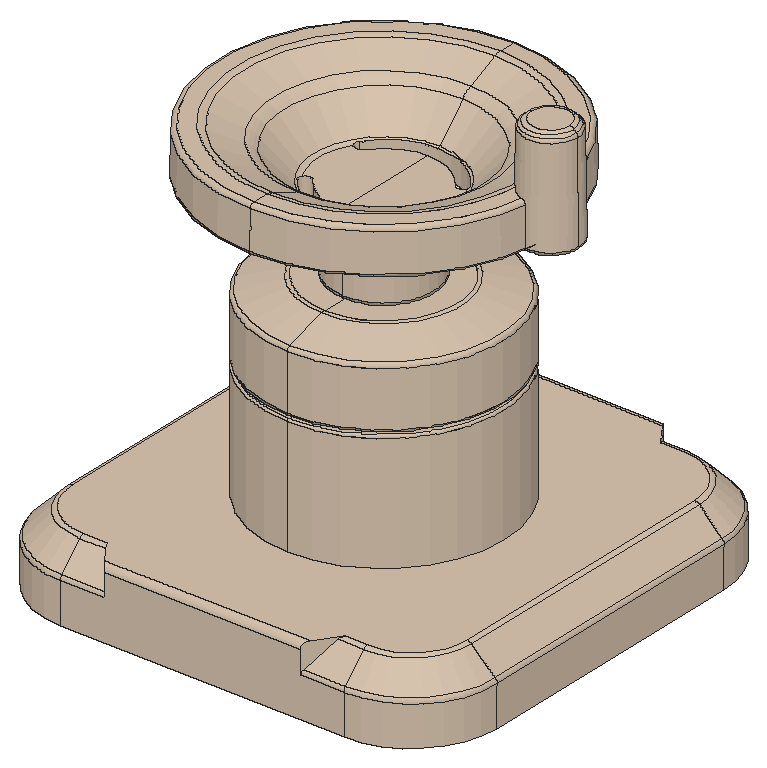
Revit family "Shower-Valve_Trim-KALLISTA-Vice-P34890", category Specialty Equipment, host Face, Revit 2021
Family settings
  Host = Face
  Round Connector Dimension = Use Diameter
  Part Type = Normal
  OmniClass Number = 23.31.25.00
  OmniClass Title = Toilet and Bath Specialties
  Cut with Voids When Loaded = No
  Shared = No
  Room Calculation Point = No
Parameters (values of type "AF-French Gold")
  Width = 4"  # constant formula
  WaterSense Certified = 1 = 0  # no
  URL = "https://www.kallista.com/"
  Type = 1
  Product Page URL = ""
  Product Name = "Vice"  # constant formula
  Product Documentation Link = ""
  Model = if(Type = 1, "P34890-00-AF", if(Type = 2, "P34890-00-BGP", if(Type = 3, "P34890-00-CP", if(Type = 4, "P34890-00-SN", "NA"))))  # "P34890-00-AF"
  Material = "Premium Metal Construction"  # constant formula
  Master Format 2014 Name = "Toilet, Bath, and Laundry Accessories"  # constant formula
  Master Format 2014 = "10 28 00"  # constant formula
  Manufacturer Address = "444 Highland Dr, Kohler, WI 53044"  # constant formula
  Manufacturer = "Kallista Co."  # constant formula
  Length = 4.08661"  # constant formula
  Height = 4"  # constant formula
  Handle Clearance = 3 13/64"  # constant formula
  Finish = Kallista-Metal-AF-French_Gold
  Environmental Product Declaration = ""
  Drain Included = 1 = 0  # no
  Description = "Volume Control Wheel"  # constant formula
  Default Elevation = 42"
  Declare Label = ""
  Date Modified = "05/26/2024"  # constant formula
  Date Created = "05/26/2024"  # constant formula
  Copyright = "Copyright Kallista Co."  # constant formula
  Contact Us = "https://www.kallista.com/corporate/contact-us/"
  Assembly Code = "C1030200"
  ADA Compliant = 1 = 0  # no
Types (5): name | Type | Model | Finish | Assembly Code
  (no name) | 1 | "P34890-00-AF" | Kallista-Metal-AF-French_Gold | "C1030200"
  AF-French Gold | 1 | "P34890-00-AF" | Kallista-Metal-AF-French_Gold | "C1030200"
  BGP | 2 | "P34890-00-BGP" | Kallista-Metal-BGP | "D2010700"
  CP-Chrome | 3 | "P34890-00-CP" | Kallista-Metal-CP-Chrome | "D2010700"
  SN-Polished Nickel | 4 | "P34890-00-SN" | Kallista-Metal-SN-Polished_Nickel | "D2010700"
Reference planes (in)
  plane 1 "Center (Front/Back)": y = 0
  plane 2: z = 0
  plane 3 "Center (Left/Right)": x = 0
  plane 4: y = 2
  plane 5: y = -2
  plane 6: x = -2
  plane 7: x = 2
  plane 8: x = 1.0629921
  plane 9: x = -1.0629921
  plane 10: y = 1.0629921
  plane 11: y = -1.0629921
  plane 12: z = 4.0866142
  plane 13: z = 0.6102362
  plane 14: y = 1.475884
  plane 15: y = -1.4758876
  plane 16: x = 1.7259843
  plane 17: x = -1.4771407
Dimensions and locks (in)
  "Width": plane 6 to plane 7
  "Height": plane 4 to plane 5
  plane 9 to plane 8 = 2.12598"
  level to plane 13 = 0.61024"
  "Length": level to plane 12
  "Handle Clearance": plane 16 to plane 17
  aligned and locked: plane 2 to host face
  aligned and locked: level to host face
  aligned and locked: plane 1 "Center (Front/Back)" to nested 1
  aligned and locked: plane 3 "Center (Left/Right)" to nested 1
Automatic sketch dimensions
  host sketch curve to host sketch curve = 96"  (x2)
Nested families (in)
  nested 1: "P34890" at (0, 0, 0), type "P34890"
Definition of nested family "P34890"
  Parameters
    Material = none
    Default Elevation = 0"
  Reference planes (in)
    plane 1 "Center (Front/Back)": y = 0
    plane 2: z = 0
    plane 3 "Center (Left/Right)": x = 0
    plane 4: z = 0.6102362
    plane 5: y = -1.0629921
    plane 6: y = 1.0629921
    plane 7: z = 4.0866142
    plane 8: x = 1.0629921
    plane 9: x = -1.0629921
    plane 10: x = 2
    plane 11: x = -2
    plane 12: y = 2
    plane 13: y = -2
    plane 14: z = 3.1430547
    plane 15: y = 1.475884
    plane 16: y = -1.475884
    plane 17: x = 1.7259848
    plane 18: x = -1.475868
  Forms (in)
    Sweep 1, solid, material <- "Material"
      path origin (0, 0, 0) x (1, 0, 0) y (0, 1, 0)
        loop
          line (1.2519685, 2) -> (-1.2519685, 2)
          arc (-1.2519685, 2) -> (-1.7809066, 1.7809066) -> (-2, 1.2519685) r 0.7480315
          line (-2, 1.2519685) -> (-2, -1.2519685)
          arc (-2, -1.2519685) -> (-1.7809066, -1.7809066) -> (-1.2519685, -2) r 0.7480315
          line (-1.2519685, -2) -> (1.2519685, -2)
          arc (1.2519685, -2) -> (1.7809066, -1.7809066) -> (2, -1.2519685) r 0.7480315
          line (2, -1.2519685) -> (2, 1.2519685)
          arc (2, 1.2519685) -> (1.7809066, 1.7809066) -> (1.2519685, 2) r 0.7480315
      profile origin (2, 0, 0) x (1, 0, 0) y (0, 0, 1)
        loop
          line (0, 0) -> (0, 0.3517833)
          arc (0, 0.3517833) -> (-0.0043223, 0.3735131) -> (-0.0166313, 0.3919347) r 0.0567827
          line (-0.0166313, 0.3919347) -> (-0.2177223, 0.5930257)
          arc (-0.2177223, 0.5930257) -> (-0.2367855, 0.6057634) -> (-0.2592721, 0.6102362) r 0.0587602
          line (-0.2592721, 0.6102362) -> (-0.2941105, 0.6102362) -> (-0.2941105, 0) -> (0, 0)
    Extrusion 2, solid, material <- "Material"
      sketch origin (0, 0, 0) x (0, 1, 0) y (0, 0, 1)
        loop
          line (2, 0.3265533) -> (2, 0.5511811)
          arc (2, 0.5511811) -> (1.9827032, 0.5929394) -> (1.9409449, 0.6102362) r 0.0590551
          line (1.9409449, 0.6102362) -> (1.7163171, 0.6102362) -> (2, 0.3265533)
        loop
          line (-2, 0.3265533) -> (-1.7163171, 0.6102362) -> (-1.9409449, 0.6102362)
          arc (-1.9409449, 0.6102362) -> (-1.9827032, 0.5929394) -> (-2, 0.5511811) r 0.0590551
          line (-2, 0.5511811) -> (-2, 0.3265533)
      from -1.0899497 to 1.0744252
    Extrusion 3, solid, material <- "Material"
      sketch origin (0, 0, 0) x (1, 0, 0) y (0, 1, 0)
        loop
          arc (-1.7058895, -1.2519685) -> (-1.5729391, -1.5729391) -> (-1.2519685, -1.7058895) r 0.453921
          line (-1.2519685, -1.7058895) -> (1.2519685, -1.7058895)
          arc (1.2519685, -1.7058895) -> (1.5729391, -1.5729391) -> (1.7058895, -1.2519685) r 0.453921
          line (1.7058895, -1.2519685) -> (1.7058895, 1.2519685)
          arc (1.7058895, 1.2519685) -> (1.5729391, 1.5729391) -> (1.2519685, 1.7058895) r 0.453921
          line (1.2519685, 1.7058895) -> (-1.2519685, 1.7058895)
          arc (-1.2519685, 1.7058895) -> (-1.5729391, 1.5729391) -> (-1.7058895, 1.2519685) r 0.453921
          line (-1.7058895, 1.2519685) -> (-1.7058895, -1.2519685)
      from 0 to 0.6102362
    Revolve 4, solid, material <- "Material", detail levels medium+fine
      sketch origin (0, 0, 0) x (0, 1, 0) y (0, 0, 1)
        loop
          line (1.0629921, 0.6102362) -> (1.0629921, 1.6359895)
          arc (1.0629921, 1.6359895) -> (1.0572265, 1.6499089) -> (1.0433071, 1.6556745) r 0.019685
          line (1.0433071, 1.6556745) -> (0.7780673, 1.6556745)
          arc (0.7780673, 1.6556745) -> (0.7454984, 1.6635268) -> (0.7200862, 1.6853583) r 0.071469
          line (0.7200862, 1.6853583) -> (1.0433071, 1.6853583)
          arc (1.0433071, 1.6853583) -> (1.0572265, 1.6911239) -> (1.0629921, 1.7050433) r 0.019685
          line (1.0629921, 1.7050433) -> (1.0629921, 2.1887982)
          arc (1.0629921, 2.1887982) -> (1.0551981, 2.2123133) -> (1.0349019, 2.2265178) r 0.0393701
          line (1.0349019, 2.2265178) -> (0.6852022, 2.3310934)
          arc (0.6852022, 2.3310934) -> (0.6687497, 2.3347368) -> (0.651943, 2.3359599) r 0.1160851
          line (0.651943, 2.3359599) -> (0.4217514, 2.3359599)
          arc (0.4217514, 2.3359599) -> (0.4414398, 2.3454618) -> (0.4496581, 2.3657196) r 0.0303936
          line (0.4496581, 2.3657196) -> (0.4557118, 2.7112765)
          arc (0.4557118, 2.7112765) -> (0.4597569, 2.7392769) -> (0.4706537, 2.7653853) r 0.1126025
          arc (0.4706537, 2.7653853) -> (0.4775186, 2.7820383) -> (0.4798596, 2.7998979) r 0.069296
          line (0.4798596, 2.7998979) -> (0.4798596, 2.8596706) -> (0.6104282, 2.8596706)
          arc (0.6104282, 2.8596706) -> (0.6265316, 2.862892) -> (0.6401565, 2.8720602) r 0.0418608
          line (0.6401565, 2.8720602) -> (1.1117797, 3.3477984)
          arc (1.1117797, 3.3477984) -> (1.1465652, 3.3712056) -> (1.1876784, 3.37943) r 0.1068739
          line (1.1876784, 3.37943) -> (1.2355474, 3.37943)
          arc (1.2355474, 3.37943) -> (1.2912251, 3.3563675) -> (1.3142875, 3.3006898) r 0.0787402
          line (1.3142875, 3.3006898) -> (1.3142875, 3.1725822)
          arc (1.3142875, 3.1725822) -> (1.322936, 3.1517031) -> (1.3438151, 3.1430547) r 0.0295276
          line (1.3438151, 3.1430547) -> (1.4555061, 3.1430547)
          arc (1.4555061, 3.1430547) -> (1.4695352, 3.1489308) -> (1.4751887, 3.163051) r 0.019685
          line (1.4751887, 3.163051) -> (1.4699042, 3.4971682)
          arc (1.4699042, 3.4971682) -> (1.4581569, 3.5246037) -> (1.4305391, 3.5359157) r 0.0393701
          line (1.4305391, 3.5359157) -> (1.2885803, 3.5359157)
          arc (1.2885803, 3.5359157) -> (1.2578356, 3.5328199) -> (1.2283253, 3.5236567) r 0.1542109
          line (1.2283253, 3.5236567) -> (0.960066, 3.4097874)
          arc (0.960066, 3.4097874) -> (0.9100382, 3.3820565) -> (0.8668692, 3.3445303) r 0.2736072
          line (0.8668692, 3.3445303) -> (0.6186028, 3.0782971)
          arc (0.6186028, 3.0782971) -> (0.5997083, 3.0649438) -> (0.5770563, 3.0602322) r 0.0568077
          line (0.5770563, 3.0602322) -> (0, 3.0602322) -> (0, 0.6102362) -> (1.0629921, 0.6102362)
        axis (0, 3.5359157) -> (0, 0.6102362)
      angle from 0 to 360
    Extrusion 5, void
      sketch origin (0, 0, 0) x (1, 0, 0) y (0, 1, 0)
        loop
          arc (0.4970031, -0.3392668) -> (0.4821988, -0.2619465) -> (0.4047385, -0.276) r 0.0559388
          arc (0.4047385, -0.276) -> (0.0012769, -0.4865254) -> (-0.4029578, -0.2774883) r 0.4936139
          arc (-0.4029578, -0.2774883) -> (-0.4784443, -0.2640111) -> (-0.4927866, -0.3393379) r 0.0545347
          arc (-0.4927866, -0.3393379) -> (0.0021272, -0.6030683) -> (0.4970031, -0.3392668) r 0.59616
        loop
          arc (0.4970031, 0.3392668) -> (0.0021272, 0.6030683) -> (-0.4927866, 0.3393379) r 0.59616
          arc (-0.4927866, 0.3393379) -> (-0.4784443, 0.2640111) -> (-0.4029578, 0.2774883) r 0.0545347
          arc (-0.4029578, 0.2774883) -> (0.0012769, 0.4865254) -> (0.4047385, 0.276) r 0.4936139
          arc (0.4047385, 0.276) -> (0.4821988, 0.2619465) -> (0.4970031, 0.3392668) r 0.0559388
      from 2.8418576 to 3.7010846
    Sweep 6, solid, material <- "Material", detail levels medium+fine
      path origin (0, 0, 0) x (1, 0, 0) y (0, 1, 0)
        loop
          circle (1.4728493, -0.0020668) r 0.253022
      profile origin (1.7258714, -0.0020668, 0) x (1, 0, 0) y (0, 0, 1)
        loop
          line (0.0000025, 3.1630833) -> (-0.0149886, 4.0219257)
          arc (-0.0149886, 4.0219257) -> (-0.018295, 4.0370451) -> (-0.0271736, 4.0497219) r 0.0393701
          line (-0.0271736, 4.0497219) -> (-0.0505771, 4.0720538)
          arc (-0.0505771, 4.0720538) -> (-0.0673484, 4.0828387) -> (-0.0869275, 4.0866142) r 0.052655
          line (-0.0869275, 4.0866142) -> (-0.1266959, 4.0866142) -> (-0.1266959, 3.1430547) -> (-0.0196795, 3.1430547)
          arc (-0.0196795, 3.1430547) -> (-0.0056391, 3.1489423) -> (0.0000025, 3.1630833) r 0.019685
    Extrusion 7, solid, material <- "Material", detail levels medium+fine
      sketch origin (0, 0, 0) x (1, 0, 0) y (0, 1, 0)
        loop
          circle (1.4728493, -0.0020668) r 0.1263261
      from 3.1430547 to 4.0866142
    Revolve 8, solid, material <- "Material", detail levels coarse
      sketch origin (0, 0, 0) x (0, 1, 0) y (0, 0, 1)
        loop
          line (1.0629921, 0.6102362) -> (1.0629921, 2.3359599) -> (0.4798596, 2.3359599) -> (0.4798596, 2.8596706) -> (0.6278741, 2.8596706) -> (1.1117797, 3.3477984)
          arc (1.1117797, 3.3477984) -> (1.1465652, 3.3712056) -> (1.1876784, 3.37943) r 0.1068739
          line (1.1876784, 3.37943) -> (1.2355474, 3.37943)
          arc (1.2355474, 3.37943) -> (1.2912251, 3.3563675) -> (1.3142875, 3.3006898) r 0.0787402
          line (1.3142875, 3.3006898) -> (1.3142875, 3.1725822)
          arc (1.3142875, 3.1725822) -> (1.322936, 3.1517031) -> (1.3438151, 3.1430547) r 0.0295276
          line (1.3438151, 3.1430547) -> (1.4751887, 3.1430547) -> (1.4751887, 3.5359157) -> (1.2885803, 3.5359157)
          arc (1.2885803, 3.5359157) -> (1.2578356, 3.5328199) -> (1.2283253, 3.5236567) r 0.1542109
          line (1.2283253, 3.5236567) -> (0.960066, 3.4097874)
          arc (0.960066, 3.4097874) -> (0.9100382, 3.3820565) -> (0.8668692, 3.3445303) r 0.2736072
          line (0.8668692, 3.3445303) -> (0.6017569, 3.0602322) -> (0, 3.0602322) -> (0, 0.6102362) -> (1.0629921, 0.6102362)
        axis (0, 3.5359157) -> (0, 0.6102362)
      angle from 0 to 360
    Extrusion 9, solid, material <- "Material", detail levels coarse
      sketch origin (0, 0, 0) x (1, 0, 0) y (0, 1, 0)
        loop
          circle (1.4728493, -0.0020668) r 0.253022
      from 3.1430547 to 4.0866142
    Extrusion 10, void
      sketch origin (0, 0, 0) x (1, 0, 0) y (0, 1, 0)
        loop
          line (-1.3452651, 1.3144681) -> (-0.7298713, 2.1933416) -> (-1.3452651, 2.1933416) -> (-1.3452651, 1.3144681)
        loop
          line (1.3452651, 1.3144681) -> (1.3452651, 2.1933416) -> (0.7298713, 2.1933416) -> (1.3452651, 1.3144681)
        loop
          line (-1.3452651, -1.3144681) -> (-1.3452651, -2.1933416) -> (-0.7298713, -2.1933416) -> (-1.3452651, -1.3144681)
        loop
          line (1.3452651, -1.3144681) -> (0.7298713, -2.1933416) -> (1.3452651, -2.1933416) -> (1.3452651, -1.3144681)
      from 0 to 9.8425197
  Cuts and joins
    Extrusion 10 cuts Extrusion 2
    joined: Sweep 1, Extrusion 2, Extrusion 3
    Extrusion 5 cuts Revolve 4
    joined: Sweep 6, Extrusion 7
  Lines and regions (in)
    Masking region 1
      outline origin (0, 0, 0) x (0, 1, 0) y (0, 0, 1)
        loop
          line (2, 0) -> (2, 0.5511811)
          arc (2, 0.5511811) -> (1.9827032, 0.5929394) -> (1.9409449, 0.6102362) r 0.0590551
          line (1.9409449, 0.6102362) -> (1.0629921, 0.6102362) -> (1.0629921, 1.6359895)
          arc (1.0629921, 1.6359895) -> (1.0572265, 1.6499089) -> (1.0433071, 1.6556745) r 0.019685
          line (1.0433071, 1.6556745) -> (0.7780673, 1.6556745)
          arc (0.7780673, 1.6556745) -> (0.7454984, 1.6635268) -> (0.7200862, 1.6853583) r 0.071469
          line (0.7200862, 1.6853583) -> (1.0433071, 1.6853583)
          arc (1.0433071, 1.6853583) -> (1.0572265, 1.6911239) -> (1.0629921, 1.7050433) r 0.019685
          line (1.0629921, 1.7050433) -> (1.0629921, 2.1887982)
          arc (1.0629921, 2.1887982) -> (1.0551981, 2.2123133) -> (1.0349019, 2.2265178) r 0.0393701
          line (1.0349019, 2.2265178) -> (0.6852022, 2.3310934)
          arc (0.6852022, 2.3310934) -> (0.6687497, 2.3347368) -> (0.651943, 2.3359599) r 0.1160851
          line (0.651943, 2.3359599) -> (0.4324844, 2.3359599)
          arc (0.4324844, 2.3359599) -> (0.4511763, 2.34586) -> (0.4588826, 2.365558) r 0.0303936
          line (0.4588826, 2.365558) -> (0.4649391, 2.7112765)
          arc (0.4649391, 2.7112765) -> (0.4689843, 2.7392769) -> (0.479881, 2.7653853) r 0.1126025
          arc (0.479881, 2.7653853) -> (0.4867459, 2.7820383) -> (0.489087, 2.7998979) r 0.069296
          line (0.489087, 2.7998979) -> (0.489087, 2.8596706) -> (0.6104282, 2.8596706)
          arc (0.6104282, 2.8596706) -> (0.6265316, 2.862892) -> (0.6401565, 2.8720602) r 0.0418608
          line (0.6401565, 2.8720602) -> (0.9088069, 3.1430547) -> (1.456202, 3.1430547)
          arc (1.456202, 3.1430547) -> (1.4702424, 3.1489423) -> (1.475884, 3.1630833) r 0.019685
          line (1.475884, 3.1630833) -> (1.4700354, 3.4981521)
          arc (1.4700354, 3.4981521) -> (1.4582662, 3.5255457) -> (1.4306713, 3.5368351) r 0.0393701
          line (1.4306713, 3.5368351) -> (0.2878907, 3.5368351)
          arc (0.2878907, 3.5368351) -> (0.2616274, 3.5439362) -> (0.2425211, 3.5633047) r 0.0521171
          line (0.2425211, 3.5633047) -> (0.2345492, 4.0200135)
          arc (0.2345492, 4.0200135) -> (0.2309147, 4.0367455) -> (0.2211512, 4.0508113) r 0.0438627
          line (0.2211512, 4.0508113) -> (0.1962985, 4.0747937)
          arc (0.1962985, 4.0747937) -> (0.1828107, 4.0835475) -> (0.1670264, 4.0866142) r 0.0421549
          line (0.1670264, 4.0866142) -> (0, 4.0866142) -> (-0.1670264, 4.0866142)
          arc (-0.1670264, 4.0866142) -> (-0.1828107, 4.0835475) -> (-0.1962985, 4.0747937) r 0.0421549
          line (-0.1962985, 4.0747937) -> (-0.2211512, 4.0508113)
          arc (-0.2211512, 4.0508113) -> (-0.2309147, 4.0367455) -> (-0.2345492, 4.0200135) r 0.0438627
          line (-0.2345492, 4.0200135) -> (-0.2425211, 3.5633047)
          arc (-0.2425211, 3.5633047) -> (-0.2616274, 3.5439362) -> (-0.2878907, 3.5368351) r 0.0521171
          line (-0.2878907, 3.5368351) -> (-1.4306713, 3.5368351)
          arc (-1.4306713, 3.5368351) -> (-1.4582662, 3.5255457) -> (-1.4700354, 3.4981521) r 0.0393701
          line (-1.4700354, 3.4981521) -> (-1.475884, 3.1630833)
          arc (-1.475884, 3.1630833) -> (-1.4702424, 3.1489423) -> (-1.456202, 3.1430547) r 0.019685
          line (-1.456202, 3.1430547) -> (-0.9088069, 3.1430547) -> (-0.6401565, 2.8720602)
          arc (-0.6401565, 2.8720602) -> (-0.6265316, 2.862892) -> (-0.6104282, 2.8596706) r 0.0418608
          line (-0.6104282, 2.8596706) -> (-0.489087, 2.8596706) -> (-0.489087, 2.7998979)
          arc (-0.489087, 2.7998979) -> (-0.4867459, 2.7820383) -> (-0.479881, 2.7653853) r 0.069296
          arc (-0.479881, 2.7653853) -> (-0.4689843, 2.7392769) -> (-0.4649391, 2.7112765) r 0.1126025
          line (-0.4649391, 2.7112765) -> (-0.4588826, 2.365558)
          arc (-0.4588826, 2.365558) -> (-0.4511763, 2.34586) -> (-0.4324844, 2.3359599) r 0.0303936
          line (-0.4324844, 2.3359599) -> (-0.651943, 2.3359599)
          arc (-0.651943, 2.3359599) -> (-0.6687497, 2.3347368) -> (-0.6852022, 2.3310934) r 0.1160851
          line (-0.6852022, 2.3310934) -> (-1.0349019, 2.2265178)
          arc (-1.0349019, 2.2265178) -> (-1.0551981, 2.2123133) -> (-1.0629921, 2.1887982) r 0.0393701
          line (-1.0629921, 2.1887982) -> (-1.0629921, 1.7050433)
          arc (-1.0629921, 1.7050433) -> (-1.0572265, 1.6911239) -> (-1.0433071, 1.6853583) r 0.019685
          line (-1.0433071, 1.6853583) -> (-0.7200862, 1.6853583)
          arc (-0.7200862, 1.6853583) -> (-0.7454984, 1.6635268) -> (-0.7780673, 1.6556745) r 0.071469
          line (-0.7780673, 1.6556745) -> (-1.0433071, 1.6556745)
          arc (-1.0433071, 1.6556745) -> (-1.0572265, 1.6499089) -> (-1.0629921, 1.6359895) r 0.019685
          line (-1.0629921, 1.6359895) -> (-1.0629921, 0.6102362) -> (-1.9409449, 0.6102362)
          arc (-1.9409449, 0.6102362) -> (-1.9827032, 0.5929394) -> (-2, 0.5511811) r 0.0590551
          line (-2, 0.5511811) -> (-2, 0) -> (0, 0) -> (2, 0)
    Masking region 2
      outline origin (0, 0, 0) x (1, 0, 0) y (0, 1, 0)
        loop
          line (0, 2) -> (-1.2519685, 2)
          arc (-1.2519685, 2) -> (-1.7809066, 1.7809066) -> (-2, 1.2519685) r 0.7480315
          line (-2, 1.2519685) -> (-2, 0) -> (-2, -1.2519685)
          arc (-2, -1.2519685) -> (-1.7809066, -1.7809066) -> (-1.2519685, -2) r 0.7480315
          line (-1.2519685, -2) -> (0, -2) -> (1.2519685, -2)
          arc (1.2519685, -2) -> (1.7809066, -1.7809066) -> (2, -1.2519685) r 0.7480315
          line (2, -1.2519685) -> (2, 0) -> (2, 1.2519685)
          arc (2, 1.2519685) -> (1.7809066, 1.7809066) -> (1.2519685, 2) r 0.7480315
          line (1.2519685, 2) -> (0, 2)
    Masking region 3
      outline origin (0, 0, 0) x (1, 0, 0) y (0, 0, 1)
        loop
          line (2, 0) -> (2, 0.3517833)
          arc (2, 0.3517833) -> (1.9956777, 0.3735131) -> (1.9833687, 0.3919347) r 0.0567827
          line (1.9833687, 0.3919347) -> (1.7822777, 0.5930257)
          arc (1.7822777, 0.5930257) -> (1.7632145, 0.6057634) -> (1.7407279, 0.6102362) r 0.0587602
          line (1.7407279, 0.6102362) -> (1.0629921, 0.6102362) -> (1.0629921, 1.6355715)
          arc (1.0629921, 1.6355715) -> (1.0572265, 1.6494909) -> (1.0433071, 1.6552566) r 0.019685
          line (1.0433071, 1.6552566) -> (0.7753536, 1.6552566)
          arc (0.7753536, 1.6552566) -> (0.7438297, 1.6632899) -> (0.7199951, 1.6854305) r 0.0658685
          line (0.7199951, 1.6854305) -> (1.0433071, 1.6854305)
          arc (1.0433071, 1.6854305) -> (1.0572265, 1.6911961) -> (1.0629921, 1.7051156) r 0.019685
          line (1.0629921, 1.7051156) -> (1.0629921, 2.1952091)
          arc (1.0629921, 2.1952091) -> (1.057149, 2.2128422) -> (1.041932, 2.2234965) r 0.0295276
          line (1.041932, 2.2234965) -> (0.6823419, 2.331135)
          arc (0.6823419, 2.331135) -> (0.6661527, 2.3347236) -> (0.6496142, 2.3359283) r 0.1141273
          line (0.6496142, 2.3359283) -> (0.4284356, 2.3359283)
          arc (0.4284356, 2.3359283) -> (0.4497602, 2.3444036) -> (0.4588888, 2.3654568) r 0.0300557
          line (0.4588888, 2.3654568) -> (0.4649093, 2.7103667)
          arc (0.4649093, 2.7103667) -> (0.4943324, 2.7868572) -> (0.5660943, 2.8264393) r 0.11958
          arc (0.5660943, 2.8264393) -> (0.597396, 2.8365374) -> (0.6240182, 2.8558512) r 0.1046635
          line (0.6240182, 2.8558512) -> (0.9113748, 3.1432079) -> (1.7063108, 3.1432079)
          arc (1.7063108, 3.1432079) -> (1.7203454, 3.1490931) -> (1.7259848, 3.1632284) r 0.0196771
          line (1.7259848, 3.1632284) -> (1.7110007, 4.0216676)
          arc (1.7110007, 4.0216676) -> (1.7076646, 4.0369231) -> (1.6987062, 4.0497139) r 0.0397242
          line (1.6987062, 4.0497139) -> (1.6732659, 4.0739893)
          arc (1.6732659, 4.0739893) -> (1.658724, 4.0833406) -> (1.6417476, 4.0866142) r 0.0456556
          line (1.6417476, 4.0866142) -> (1.476144, 4.0866142) -> (1.3105404, 4.0866142)
          arc (1.3105404, 4.0866142) -> (1.293564, 4.0833406) -> (1.2790221, 4.0739893) r 0.0456556
          line (1.2790221, 4.0739893) -> (1.2535818, 4.0497139)
          arc (1.2535818, 4.0497139) -> (1.2446233, 4.0369231) -> (1.2412872, 4.0216676) r 0.0397242
          line (1.2412872, 4.0216676) -> (1.2328229, 3.5367484) -> (-1.4306593, 3.5367484)
          arc (-1.4306593, 3.5367484) -> (-1.4582542, 3.525459) -> (-1.4700234, 3.4980654) r 0.0393701
          line (-1.4700234, 3.4980654) -> (-1.475868, 3.1632284)
          arc (-1.475868, 3.1632284) -> (-1.4702286, 3.1490931) -> (-1.456194, 3.1432079) r 0.0196771
          line (-1.456194, 3.1432079) -> (-0.9113748, 3.1432079) -> (-0.6240182, 2.8558512)
          arc (-0.6240182, 2.8558512) -> (-0.597396, 2.8365374) -> (-0.5660943, 2.8264393) r 0.1046635
          arc (-0.5660943, 2.8264393) -> (-0.4943324, 2.7868572) -> (-0.4649093, 2.7103667) r 0.11958
          line (-0.4649093, 2.7103667) -> (-0.4588888, 2.3654568)
          arc (-0.4588888, 2.3654568) -> (-0.4497602, 2.3444036) -> (-0.4284356, 2.3359283) r 0.0300557
          line (-0.4284356, 2.3359283) -> (-0.6496142, 2.3359283)
          arc (-0.6496142, 2.3359283) -> (-0.6661527, 2.3347236) -> (-0.6823419, 2.331135) r 0.1141273
          line (-0.6823419, 2.331135) -> (-1.041932, 2.2234965)
          arc (-1.041932, 2.2234965) -> (-1.057149, 2.2128422) -> (-1.0629921, 2.1952091) r 0.0295276
          line (-1.0629921, 2.1952091) -> (-1.0629921, 1.7051156)
          arc (-1.0629921, 1.7051156) -> (-1.0572265, 1.6911961) -> (-1.0433071, 1.6854305) r 0.019685
          line (-1.0433071, 1.6854305) -> (-0.7199951, 1.6854305)
          arc (-0.7199951, 1.6854305) -> (-0.7438297, 1.6632899) -> (-0.7753536, 1.6552566) r 0.0658685
          line (-0.7753536, 1.6552566) -> (-1.0433071, 1.6552566)
          arc (-1.0433071, 1.6552566) -> (-1.0572265, 1.6494909) -> (-1.0629921, 1.6355715) r 0.019685
          line (-1.0629921, 1.6355715) -> (-1.0629921, 0.6102362) -> (-1.7396807, 0.6102362)
          arc (-1.7396807, 0.6102362) -> (-1.7631348, 0.6055709) -> (-1.7830182, 0.5922853) r 0.0612884
          line (-1.7830182, 0.5922853) -> (-1.9832332, 0.3920702)
          arc (-1.9832332, 0.3920702) -> (-1.9956425, 0.3734985) -> (-2, 0.3515917) r 0.0572453
          line (-2, 0.3515917) -> (-2, 0) -> (2, 0)
    symbolic lines, detail levels medium+fine
      curve 1: line (0, 2, 0.3532252) -> (0, 0, 0.3532252)
      curve 2: line (0, 2, 0.388069) -> (0, 0.0123602, 0.388069)
      curve 3: line (0, 2, 0.388069) -> (0, 1.7778328, 0.6102362)
      curve 4: line (0, 1.0629921, 0.6102362) -> (0, 0, 0.6102362)
      curve 5: line (0, 1.0629921, 1.6359895) -> (0, 0, 1.6359895)
      curve 6: line (0, 0.7780673, 1.6556745) -> (0, 0, 1.6556745)
      curve 7: line (0, 0.7200862, 1.6853583) -> (0, 0, 1.6853583)
      curve 8: line (0, 1.0629921, 1.7050433) -> (0, 0, 1.7050433)
      curve 9: line (0, 1.0629921, 2.1887982) -> (0, 0, 2.1887982)
      curve 10: line (0, 1.0349019, 2.2265178) -> (0, 0, 2.2265178)
      curve 11: line (0, 0.6852022, 2.3310934) -> (0, 0, 2.3310934)
      curve 12: line (0, 0.4324844, 2.3359599) -> (0, 0, 2.3359599)
      curve 13: line (0, 0.4588826, 2.365558) -> (0, 0, 2.365558)
      curve 14: line (0, 0.4649391, 2.7112765) -> (0, 0, 2.7112765)
      curve 15: line (0, 0.489087, 2.8596706) -> (0, 0.3578185, 2.8596706)
      curve 16: arc (0, 0.3264747, 2.8521904) -> (0, 0.294502, 2.8378221) -> (0, 0.2613401, 2.8264643) r 0.3796008
      curve 17: arc (0, 0.3578185, 2.8596706) -> (0, 0.3417065, 2.8577747) -> (0, 0.3264747, 2.8521904) r 0.0694091
      curve 18: line (0, 0.489087, 2.7998979) -> (0, 0.2890816, 2.7998979)
      curve 19: arc (0, 0.2890816, 2.7998979) -> (0, 0.2698764, 2.8076107) -> (0, 0.2613401, 2.8264643) r 0.0277675
      curve 20: line (0, 0.479881, 2.7653853) -> (0, 0.2996126, 2.7653853)
      curve 21: arc (0, 0.2996126, 2.7653853) -> (0, 0.263573, 2.785333) -> (0, 0.2613401, 2.8264643) r 0.0425304
      curve 22: line (0, 0, 2.8248058) -> (0, 0.1760029, 2.8248058)
      curve 23: arc (0, 0.1760029, 2.8248058) -> (0, 0.2186796, 2.8252205) -> (0, 0.2613401, 2.8264643) r 2.1962914
      curve 24: line (0, 0.9088069, 3.1430547) -> (0, 0, 3.1430547)
      curve 25: line (0, 1.475884, 3.1630833) -> (0, 0, 3.1630833)
      curve 26: line (0, 1.4700354, 3.4981521) -> (0, 0, 3.4981521)
      curve 27: line (0, 0.2878907, 3.5368351) -> (0, 0, 3.5368351)
      curve 28: line (0, 0.2421342, 3.5854692) -> (0, 0.1825343, 3.5854692)
      curve 29: arc (0, 0.1825343, 3.5854692) -> (0, 0.0922883, 3.5624755) -> (0, 0, 3.5499882) r 0.8103389
      curve 30: line (0, 0.1962985, 4.0747937) -> (0, 0, 4.0747937)
      curve 31: line (0, 0.2211512, 4.0508113) -> (0, 0, 4.0508113)
      curve 32: line (0, 0.2345492, 4.0200135) -> (0, 0, 4.0200135)
      curve 33: line (0, -2, 0.3532252) -> (0, 0, 0.3532252)
      curve 34: line (0, -2, 0.388069) -> (0, -0.0123602, 0.388069)
      curve 35: line (0, -2, 0.388069) -> (0, -1.7778328, 0.6102362)
      curve 36: line (0, -1.0629921, 0.6102362) -> (0, 0, 0.6102362)
      curve 37: line (0, -1.0629921, 1.6359895) -> (0, 0, 1.6359895)
      curve 38: line (0, -0.7780673, 1.6556745) -> (0, 0, 1.6556745)
      curve 39: line (0, -0.7200862, 1.6853583) -> (0, 0, 1.6853583)
      curve 40: line (0, -1.0629921, 1.7050433) -> (0, 0, 1.7050433)
      curve 41: line (0, -1.0629921, 2.1887982) -> (0, 0, 2.1887982)
      curve 42: line (0, -1.0349019, 2.2265178) -> (0, 0, 2.2265178)
      curve 43: line (0, -0.6852022, 2.3310934) -> (0, 0, 2.3310934)
      curve 44: line (0, -0.4324844, 2.3359599) -> (0, 0, 2.3359599)
      curve 45: line (0, -0.4588826, 2.365558) -> (0, 0, 2.365558)
      curve 46: line (0, -0.4649391, 2.7112765) -> (0, 0, 2.7112765)
      curve 47: line (0, -0.489087, 2.8596706) -> (0, -0.3578185, 2.8596706)
      curve 48: arc (0, -0.3264747, 2.8521904) -> (0, -0.294502, 2.8378221) -> (0, -0.2613401, 2.8264643) r 0.3796008
      curve 49: arc (0, -0.3578185, 2.8596706) -> (0, -0.3417065, 2.8577747) -> (0, -0.3264747, 2.8521904) r 0.0694091
      curve 50: line (0, -0.489087, 2.7998979) -> (0, -0.2890816, 2.7998979)
      curve 51: arc (0, -0.2890816, 2.7998979) -> (0, -0.2698764, 2.8076107) -> (0, -0.2613401, 2.8264643) r 0.0277675
      curve 52: line (0, -0.479881, 2.7653853) -> (0, -0.2996126, 2.7653853)
      curve 53: arc (0, -0.2996126, 2.7653853) -> (0, -0.263573, 2.785333) -> (0, -0.2613401, 2.8264643) r 0.0425304
      curve 54: line (0, 0, 2.8248058) -> (0, -0.1760029, 2.8248058)
      curve 55: arc (0, -0.1760029, 2.8248058) -> (0, -0.2186796, 2.8252205) -> (0, -0.2613401, 2.8264643) r 2.1962914
      curve 56: line (0, -0.9088069, 3.1430547) -> (0, 0, 3.1430547)
      curve 57: line (0, -1.475884, 3.1630833) -> (0, 0, 3.1630833)
      curve 58: line (0, -1.4700354, 3.4981521) -> (0, 0, 3.4981521)
      curve 59: line (0, -0.2878907, 3.5368351) -> (0, 0, 3.5368351)
      curve 60: line (0, -0.2421342, 3.5854692) -> (0, -0.1825343, 3.5854692)
      curve 61: arc (0, -0.1825343, 3.5854692) -> (0, -0.0922883, 3.5624755) -> (0, 0, 3.5499882) r 0.8103389
      curve 62: line (0, -0.1962985, 4.0747937) -> (0, 0, 4.0747937)
      curve 63: line (0, -0.2211512, 4.0508113) -> (0, 0, 4.0508113)
      curve 64: line (0, -0.2345492, 4.0200135) -> (0, 0, 4.0200135)
      curve 65: line (-0.9043679, 1.7451402, 0) -> (-1.231119, 1.7451402, 0)
      curve 66: line (-1.7429301, 1.2333292, 0) -> (-1.7429301, 0, 0)
      curve 67: arc (-1.231119, 1.7451402, 0) -> (-1.5930241, 1.5952342, 0) -> (-1.7429301, 1.2333292, 0) r 0.511811
      curve 68: line (-0.7652885, 1.8175404, 0) -> (-0.6375289, 2, 0)
      curve 69: arc (-0.7652885, 1.8175404, 0) -> (-0.8259701, 1.764324, 0) -> (-0.9043679, 1.7451402, 0) r 0.1697846
      curve 70: line (-1.7429301, 1.2333292, 0) -> (-2, 1.2333292, 0)
      curve 71: line (-1.231119, 1.7451402, 0) -> (-1.231119, 2, 0)
      curve 72: line (-0.9043679, 1.7451402, 0) -> (-0.9043679, 2, 0)
      curve 73: line (-0.9043679, -1.7451402, 0) -> (-1.231119, -1.7451402, 0)
      curve 74: line (-1.7429301, -1.2333292, 0) -> (-1.7429301, 0, 0)
      curve 75: arc (-1.231119, -1.7451402, 0) -> (-1.5930241, -1.5952342, 0) -> (-1.7429301, -1.2333292, 0) r 0.511811
      curve 76: line (-0.7652885, -1.8175404, 0) -> (-0.6375289, -2, 0)
      curve 77: arc (-0.7652885, -1.8175404, 0) -> (-0.8259701, -1.764324, 0) -> (-0.9043679, -1.7451402, 0) r 0.1697846
      curve 78: line (-1.7429301, -1.2333292, 0) -> (-2, -1.2333292, 0)
      curve 79: line (-1.231119, -1.7451402, 0) -> (-1.231119, -2, 0)
      curve 80: line (-0.9043679, -1.7451402, 0) -> (-0.9043679, -2, 0)
      curve 81: line (0.9043679, 1.7451402, 0) -> (1.231119, 1.7451402, 0)
      curve 82: line (1.7429301, 1.2333292, 0) -> (1.7429301, 0, 0)
      curve 83: arc (1.231119, 1.7451402, 0) -> (1.5930241, 1.5952342, 0) -> (1.7429301, 1.2333292, 0) r 0.511811
      curve 84: line (0.7652885, 1.8175404, 0) -> (0.6375289, 2, 0)
      curve 85: arc (0.7652885, 1.8175404, 0) -> (0.8259701, 1.764324, 0) -> (0.9043679, 1.7451402, 0) r 0.1697846
      curve 86: line (1.7429301, 1.2333292, 0) -> (2, 1.2333292, 0)
      curve 87: line (1.231119, 1.7451402, 0) -> (1.231119, 2, 0)
      curve 88: line (0.9043679, 1.7451402, 0) -> (0.9043679, 2, 0)
      curve 89: line (0.9043679, -1.7451402, 0) -> (1.231119, -1.7451402, 0)
      curve 90: line (1.7429301, -1.2333292, 0) -> (1.7429301, 0, 0)
      curve 91: arc (1.231119, -1.7451402, 0) -> (1.5930241, -1.5952342, 0) -> (1.7429301, -1.2333292, 0) r 0.511811
      curve 92: line (0.7652885, -1.8175404, 0) -> (0.6375289, -2, 0)
      curve 93: arc (0.7652885, -1.8175404, 0) -> (0.8259701, -1.764324, 0) -> (0.9043679, -1.7451402, 0) r 0.1697846
      curve 94: line (1.7429301, -1.2333292, 0) -> (2, -1.2333292, 0)
      curve 95: line (1.231119, -1.7451402, 0) -> (1.231119, -2, 0)
      curve 96: line (0.9043679, -1.7451402, 0) -> (0.9043679, -2, 0)
      curve 97: line (-0.6777438, 1.9425672, 0) -> (0.6777438, 1.9425672, 0)
      curve 98: line (-0.6777438, -1.9425672, 0) -> (0.6777438, -1.9425672, 0)
      curve 99: arc (1.4448433, 0.2922472, 0) -> (-1.4810873, -0.0031876, 0) -> (1.445615, -0.2908773, 0) r 1.4776844
      curve 100: arc (1.4923913, 0.2501994, 0) -> (1.6578401, 0.1705558, 0) -> (1.7258629, 0, 0) r 0.253022
      curve 101: arc (1.4923913, 0.2501994, 0) -> (1.4615711, 0.2632554, 0) -> (1.4448433, 0.2922472, 0) r 0.0526646
      curve 102: arc (1.4915716, -0.2502616, 0) -> (1.6575594, -0.1708561, 0) -> (1.7258629, 0, 0) r 0.253022
      curve 103: arc (1.445615, -0.2908773, 0) -> (1.4617537, -0.2628305, 0) -> (1.4915716, -0.2502616, 0) r 0.0506907
      curve 104: arc (1.3992512, 0.2841546, 0) -> (-1.4338709, -0.0009089, 0) -> (1.3992512, -0.2859724, 0) r 1.4309023
      curve 105: arc (1.3992512, 0.2841546, 0) -> (1.3340391, 0.2507292, 0) -> (1.278729, 0.2026597, 0) r 0.3037661
      curve 106: arc (1.4155973, 0.2205849, 0) -> (1.3763506, 0.2065946, 0) -> (1.3402735, 0.1857503, 0) r 0.2298948
      curve 107: arc (1.4274133, -0.1757328, 0) -> (1.5474733, 0.1697225, 0) -> (1.3711533, -0.1506914, 0) r 0.1835134
      curve 108: circle (1.4728493, -0.0020668, 0) r 0.175364 normal (0, 0, 1)
      curve 109: line (1.3992512, 0.2841546, 0) -> (1.4155973, 0.2205849, 0)
      curve 110: arc (1.3402735, 0.1857503, 0) -> (1.5693481, -0.2107283, 0) -> (1.4155973, 0.2205849, 0) r 0.2298948
      curve 111: line (1.3992512, -0.2859724, 0) -> (1.4149425, -0.2245492, 0)
      curve 112: arc (1.3711533, -0.1506914, 0) -> (1.3982254, -0.1655888, 0) -> (1.4274133, -0.1757328, 0) r 0.1835134
      curve 113: arc (1.2760875, 0.1996953, 0) -> (-1.2976602, -0.0009089, 0) -> (1.2760875, -0.2015131, 0) r 1.2946916
      curve 114: circle (-0.0029685, -0.0009089, 0) r 0.984252 normal (0, 0, 1)
      curve 115: circle (-0.0029685, -0.0009089, 0) r 0.9153865 normal (0, 0, 1)
      curve 116: arc (-0.4168981, 0.2723042, 0) -> (-0.0140246, 0.4778267, 0) -> (0.3863864, 0.2675468, 0) r 0.4919235
      curve 117: arc (-0.4902007, 0.3223568, 0) -> (-0.0064322, 0.5890195, 0) -> (0.4843848, 0.3355641, 0) r 0.5866224
      curve 118: arc (0.4843848, 0.3355641, 0) -> (0.4692977, 0.2526953, 0) -> (0.3863864, 0.2675468, 0) r 0.0596451
      curve 119: arc (-0.4168981, 0.2723042, 0) -> (-0.4780234, 0.2614881, 0) -> (-0.4902007, 0.3223568, 0) r 0.0443916
      curve 120: arc (-0.4168981, -0.2723042, 0) -> (-0.0140246, -0.4778267, 0) -> (0.3863864, -0.2675468, 0) r 0.4919235
      curve 121: arc (-0.4902007, -0.3223568, 0) -> (-0.0064322, -0.5890195, 0) -> (0.4843848, -0.3355641, 0) r 0.5866224
      curve 122: arc (0.4843848, -0.3355641, 0) -> (0.4692977, -0.2526953, 0) -> (0.3863864, -0.2675468, 0) r 0.0596451
      curve 123: arc (-0.4168981, -0.2723042, 0) -> (-0.4780234, -0.2614881, 0) -> (-0.4902007, -0.3223568, 0) r 0.0443916
      curve 124: arc (-0.2651686, -0.2445865, 0) -> (-0.1346637, 0.336319, 0) -> (0.3614132, 0.007092, 0) r 0.3614191
      curve 125: arc (-0.1568333, -0.138413, 0) -> (-0.0738522, 0.189313, 0) -> (0.2104395, 0.0063693, 0) r 0.2082105
      curve 126: line (-0.2349857, -0.2451679, 0) -> (-0.1581207, -0.1683029, 0)
      curve 127: arc (-0.1581207, -0.1683029, 0) -> (-0.1516602, -0.1536085, 0) -> (-0.1568333, -0.138413, 0) r 0.0221276
      curve 128: arc (-0.2349857, -0.2451679, 0) -> (-0.2502009, -0.2512992, 0) -> (-0.2651686, -0.2445865, 0) r 0.0209469
      curve 129: line (0.2104395, 0.0063693, 0) -> (0.1294195, 0.0063693, 0)
      curve 130: line (0.2856763, -0.1671714, 0) -> (0.1294195, 0.0063693, 0)
      curve 131: line (0.2856763, -0.1671714, 0) -> (0.4371612, 0.007092, 0)
      curve 132: line (0.3614132, 0.007092, 0) -> (0.4371612, 0.007092, 0)
      curve 133: arc (1.278729, 0.2026597, 0) -> (1.2004326, 0.0010764, 0) -> (1.2760875, -0.2015131, 0) r 0.3037661
      curve 134: arc (1.2760875, -0.2015131, 0) -> (1.3323981, -0.2514296, 0) -> (1.3992512, -0.2859724, 0) r 0.3037661
      curve 135: line (1.4453261, 0, 3.1432079) -> (1.4453261, 0, 3.4946062)
      curve 136: line (1.2328229, 0, 3.5367484) -> (1.4031839, 0, 3.5367484)
      curve 137: arc (1.4031839, 0, 3.5367484) -> (1.4329829, 0, 3.5244052) -> (1.4453261, 0, 3.4946062) r 0.0421422
      curve 138: line (2, 0, 0.3517833) -> (1.5731087, 0, 0.3517833)
      curve 139: line (1.4196442, 0, 0.4316719) -> (1.2946121, 0, 0.6102362)
      curve 140: arc (1.5731087, 0, 0.3517833) -> (1.4866022, 0, 0.3729513) -> (1.4196442, 0, 0.4316719) r 0.1873456
      curve 141: line (1.5731087, 0, 0.3517833) -> (1.5731087, 0, 0.6102362)
      curve 142: line (-2, 0, 0.3515917) -> (-1.5846776, 0, 0.3515917)
      curve 143: line (-1.29413, 0, 0.6102362) -> (-1.4124612, 0, 0.4412418)
      curve 144: arc (-1.4124612, 0, 0.4412418) -> (-1.4876007, 0, 0.3753462) -> (-1.5846776, 0, 0.3515917) r 0.2102374
      curve 145: line (-1.5846776, 0, 0.3515917) -> (-1.5846776, 0, 0.6102362)
      curve 146: line (1.0629921, 0, 0.6102362) -> (-1.0629921, 0, 0.6102362)
      curve 147: line (1.3361507, 0, 0.550913) -> (-1.3356686, 0, 0.550913)
      curve 148: line (0.7199951, 0, 1.6854305) -> (-0.7199951, 0, 1.6854305)
      curve 149: line (0.7753536, 0, 1.6552566) -> (-0.7753536, 0, 1.6552566)
      curve 150: line (1.0629921, 0, 1.6355715) -> (-1.0629921, 0, 1.6355715)
      curve 151: line (1.0629921, 0, 1.7051156) -> (-1.0629921, 0, 1.7051156)
      curve 152: line (1.0629921, 0, 2.1960685) -> (-1.0629921, 0, 2.1960685)
      curve 153: line (1.039061, 0, 2.2243559) -> (-1.039061, 0, 2.2243559)
      curve 154: line (0.4284356, 0, 2.3359283) -> (-0.4284356, 0, 2.3359283)
      curve 155: line (0.4588888, 0, 2.3654568) -> (-0.4588888, 0, 2.3654568)
      curve 156: line (0.4649093, 0, 2.7103667) -> (-0.4649093, 0, 2.7103667)
      curve 157: line (0.5138281, 0, 2.8650121) -> (0, 0, 2.8650121)
      curve 158: arc (0.5183077, 0, 2.8330307) -> (0.4710061, 0, 2.8152112) -> (0.4272457, 0, 2.7899128) r 0.3087587
      curve 159: line (0.3826659, 0, 2.7759731) -> (0, 0, 2.7759731)
      curve 160: arc (0.4272457, 0, 2.7899128) -> (0.4060201, 0, 2.7795393) -> (0.3826659, 0, 2.7759731) r 0.0782541
      curve 161: arc (0.5183077, 0, 2.8330307) -> (0.5299749, 0, 2.8509694) -> (0.5138281, 0, 2.8650121) r 0.0163045
      curve 162: line (-0.5138281, 0, 2.8650121) -> (0, 0, 2.8650121)
      curve 163: arc (-0.5183077, 0, 2.8330307) -> (-0.4710061, 0, 2.8152112) -> (-0.4272457, 0, 2.7899128) r 0.3087587
      curve 164: line (-0.3826659, 0, 2.7759731) -> (0, 0, 2.7759731)
      curve 165: arc (-0.4272457, 0, 2.7899128) -> (-0.4060201, 0, 2.7795393) -> (-0.3826659, 0, 2.7759731) r 0.0782541
      curve 166: arc (-0.5183077, 0, 2.8330307) -> (-0.5299749, 0, 2.8509694) -> (-0.5138281, 0, 2.8650121) r 0.0163045
      curve 167: line (0.9113748, 0, 3.1432079) -> (-0.9113748, 0, 3.1432079)
      curve 168: line (1.7259848, 0, 3.1632284) -> (-1.475868, 0, 3.1632284)
      curve 169: line (1.4453261, 0, 3.4946062) -> (-1.4700234, 0, 3.4980654)
      curve 170: line (1.4855964, 0, 3.1432079) -> (1.4855964, 0, 3.5053759)
      curve 171: line (1.3230815, 0, 3.5853104) -> (1.4056619, 0, 3.5853104)
      curve 172: line (1.2330561, 0, 3.550107) -> (1.2608242, 0, 3.5674584)
      curve 173: arc (1.2608242, 0, 3.5674584) -> (1.2906984, 0, 3.5807593) -> (1.3230815, 0, 3.5853104) r 0.1174846
      curve 174: arc (1.4056619, 0, 3.5853104) -> (1.4621842, 0, 3.5618981) -> (1.4855964, 0, 3.5053759) r 0.0799345
      curve 175: line (1.6732659, 0, 4.0739893) -> (1.2790221, 0, 4.0739893)
      curve 176: line (1.6987062, 0, 4.0497139) -> (1.2535818, 0, 4.0497139)
      curve 177: line (1.7110007, 0, 4.0216676) -> (1.2412872, 0, 4.0216676)
      curve 178: line (-0.6823419, 0, 2.331135) -> (0.6823419, 0, 2.331135)
  Dimensions and locks (in)
    aligned and locked: plane 2 to level
    aligned and locked: Masking region 3 sketch curve to level
    aligned and locked: plane 9 to Masking region 3 sketch curve  (x2)
    aligned and locked: plane 8 to Masking region 3 sketch curve  (x2)
    aligned and locked: Revolve 4 sketch curve to plane 1 "Center (Front/Back)"
    aligned and locked: Revolve 4 sketch curve to plane 14
    aligned and locked: plane 14 to Sweep 6 sketch curve
